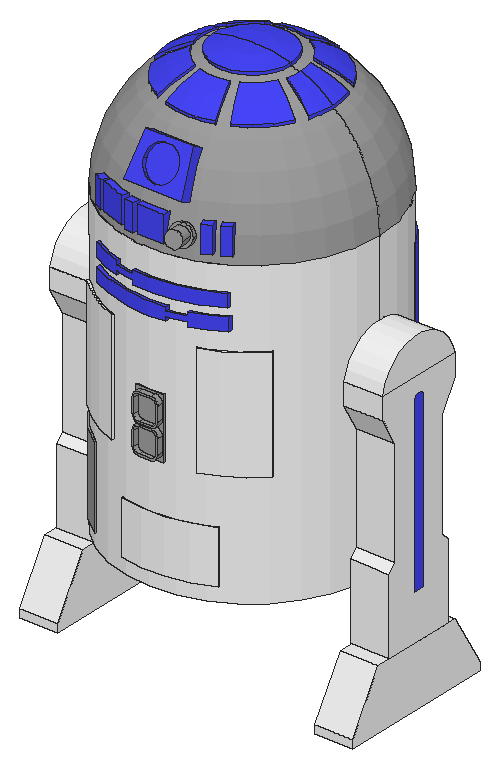
Revit family "Star_Wars_R2D2_4123_other", category Modèles génériques, Revit 2022
Family settings
  Peut héberger une armature = Non
  Cote de connecteur circulaire = Utiliser le diamètre
  Type d'élément = Non défini
  Basée sur le plan de construction = Non
  Toujours verticalement = Oui
  Couper avec des vides une fois chargée = Non
  Conserver l'orientation des annotations = Non
  Partagée = Non
  Repère de localisation dans la pièce = Non
Parameters
  Elévation par défaut = 0' - 0"
Reference planes (in)
  plane 1 "Center (Front/Back)": y = 0
  plane 2: z = 0
  plane 3 "Center (Left/Right)": x = 0
  plane 4: z = 56.91196
  plane 5: through (0, 0, 48) normal (-0.7071, 0.7071, 0)
Forms (in)
  Extrusion 1, solid, material "Default 2"
    sketch origin (0, 0, 0) x (1, 0, 0) y (0, 1, 0)
      loop
        circle (0, 0) r 24
    from 0 to 56.91196
  Revolve 2, solid, material "Default 4"
    sketch origin (0, 0, -13.13966) x (1, 0, 0) y (0, 0, 1)
      loop
        line (0, 94.05162) -> (0, 70.05162) -> (24, 70.05162)
        arc (24, 70.05162) -> (16.97056, 87.02218) -> (0, 94.05162) r 24
      axis (0, 70.05162) -> (0, 94.05162)
    angle from 0 to 360
  Extrusion 3, solid, material "Default 2"
    sketch origin (0, 0, 0) x (0, 1, 0) y (0, 0, 1)
      loop
        line (8.4404, -8.6957) -> (-9.5596, -8.6957) -> (-15.48254, -18.55312) -> (-15.48254, -20.05312) -> (14.36334, -20.05312) -> (14.36334, -18.55312) -> (8.4404, -8.6957)
    from -31.2361 to -24.2361
  Extrusion 4, solid, material "Default 2"
    sketch origin (0, 0, 0) x (0, 1, 0) y (0, 0, -1)
      loop
        line (8.4404, 8.6957) -> (14.36334, 18.55312) -> (14.36334, 20.05312) -> (-15.48254, 20.05312) -> (-15.48254, 18.55312) -> (-9.5596, 8.6957) -> (8.4404, 8.6957)
    from -31.2361 to -24.2361
  Sweep 5, solid, material "Default 3"
    path origin (0, 0, 0) x (-0.996195, 0.087156, 0) y (0, 0, 1)
      loop
        line (-14.05923, 48.95541) -> (-14.05923, 4.95541)
    profile origin (14.00573, -1.22534, 26.95541) x (0.087156, 0.996195, 0) y (-0.996195, 0.087156, 0)
      loop
        line (14.17992, -5.30388) -> (14.35877, -5.48273)
        arc (14.35877, -5.48273) -> (17.14734, -3.08811) -> (19.54196, -0.29954) r 24.25
        line (19.54196, -0.29954) -> (19.36311, -0.12068)
        arc (19.36311, -0.12068) -> (16.97056, -2.91133) -> (14.17992, -5.30388) r 24
  Extrusion 6, solid, material "Default 3"
    sketch origin (0, -34.73609, -2.04363) x (1, 0, 0) y (0, 0.48481, 0.87462)
      loop
        line (5.5, 65.41196) -> (4.48703, 73.66196) -> (-4.48703, 73.66196) -> (-5.5, 65.41196) -> (5.5, 65.41196)
    from 20.44691 to 23.17679
  Extrusion 7, void
    sketch origin (0, -34.73609, -2.04363) x (1, 0, 0) y (0, 0.48481, 0.87462)
      loop
        circle (0, 69.53592) r 3.25
    from 22.57548 to 24.0021
  Extrusion 8, solid, material "Default 3"
    sketch origin (0, 0, 0) x (0.939693, -0.34202, 0) y (0, 0, 1)
      loop
        line (-2.3283, 58.58576) -> (2.6717, 58.58576) -> (2.6717, 63.58576) -> (-2.3283, 63.58576) -> (-2.3283, 58.58576)
    from 22.82457 to 24.08711
  Extrusion 9, solid, material "Default 3"
    sketch origin (0, 0, 0) x (-0.987688, 0.156434, 0) y (0, 0, 1)
      loop
        line (0.9217, 58.58576) -> (0.9217, 63.58576) -> (-0.90275, 63.58576) -> (-0.90275, 58.58576) -> (0.9217, 58.58576)
    from -24.43471 to -23.12935
  Extrusion 10, solid, material "Default 4"
    sketch origin (2.50384, -10.68372, -3.40032) x (-0.973619, -0.228178, 0) y (-0.039623, 0.169067, 0.984808)
      loop
        circle (0, 61.04164) r 1.5
    from -26.70235 to -24.2699
  Extrusion 11, solid, material "Default 4"
    sketch origin (2.50384, -10.68372, -3.40032) x (-0.973619, -0.228178, 0) y (-0.039623, 0.169067, 0.984808)
      loop
        circle (0, 61.01196) r 2
    from -24.2699 to -23.13671
  Extrusion 12, solid, material "Default 3"
    sketch origin (-0.01543, -0.00655, 0) x (-0.920505, -0.390731, 0) y (0, 0, 1)
      loop
        line (0.9217, 58.58576) -> (0.9217, 63.58576) -> (-0.90275, 63.58576) -> (-0.90275, 58.58576) -> (0.9217, 58.58576)
    from -24.43471 to -23.12935
  Extrusion 13, solid, material "Default 3"
    sketch origin (0.00821, 0.00474, 0) x (-0.866025, -0.5, 0) y (0, 0, 1)
      loop
        line (0.9217, 58.58576) -> (0.9217, 63.58576) -> (-0.90275, 63.58576) -> (-0.90275, 58.58576) -> (0.9217, 58.58576)
    from -24.43471 to -23.12935
  Extrusion 14, solid, material "Default 3"
    sketch origin (0.00829, -0.0046, 0) x (-0.87462, 0.48481, 0) y (0, 0, 1)
      loop
        line (0.9217, 58.58576) -> (0.9217, 63.58576) -> (-0.90275, 63.58576) -> (-0.90275, 58.58576) -> (0.9217, 58.58576)
    from -24.43471 to -23.12935
  Extrusion 15, solid, material "Default 3"
    sketch origin (0.0783, 0, 0) x (1, 0, 0) y (0, 0, 1)
      loop
        line (-2.3283, 58.58576) -> (2.6717, 58.58576) -> (2.6717, 63.58576) -> (-2.3283, 63.58576) -> (-2.3283, 58.58576)
    from 22.82457 to 24.08711
  Extrusion 16, solid, material "Default 4"
    sketch origin (0, 0, 0) x (-1, 0, 0) y (0, 0, 1)
      loop
        line (-2.375, 31.61222) -> (-2.375, 28.86222)
        arc (-2.375, 28.86222) -> (-2.00888, 27.97834) -> (-1.125, 27.61222) r 1.25
        line (-1.125, 27.61222) -> (1.125, 27.61222)
        arc (1.125, 27.61222) -> (2.00888, 27.97834) -> (2.375, 28.86222) r 1.25
        line (2.375, 28.86222) -> (2.375, 31.61222)
        arc (2.375, 31.61222) -> (2.00888, 32.49611) -> (1.125, 32.86222) r 1.25
        line (1.125, 32.86222) -> (-1.125, 32.86222)
        arc (-1.125, 32.86222) -> (-2.00888, 32.49611) -> (-2.375, 31.61222) r 1.25
    from -25.21973 to -24.09971
  Extrusion 17, void
    sketch origin (0, 0, 0) x (-1, 0, 0) y (0, 0, 1)
      loop
        arc (-1.125, 32.61222) -> (-1.83211, 32.31933) -> (-2.125, 31.61222) r 1
        line (-2.125, 31.61222) -> (-2.125, 28.86222)
        arc (-2.125, 28.86222) -> (-1.83211, 28.15512) -> (-1.125, 27.86222) r 1
        line (-1.125, 27.86222) -> (1.125, 27.86222)
        arc (1.125, 27.86222) -> (1.83211, 28.15512) -> (2.125, 28.86222) r 1
        line (2.125, 28.86222) -> (2.125, 31.61222)
        arc (2.125, 31.61222) -> (1.83211, 32.31933) -> (1.125, 32.61222) r 1
        line (1.125, 32.61222) -> (-1.125, 32.61222)
    from -25.8241 to -24.23763
  Extrusion 18, solid, material "Default 4"
    sketch origin (0, 0, -5.5) x (-1, 0, 0) y (0, 0, 1)
      loop
        line (-2.375, 31.61222) -> (-2.375, 28.86222)
        arc (-2.375, 28.86222) -> (-2.00888, 27.97834) -> (-1.125, 27.61222) r 1.25
        line (-1.125, 27.61222) -> (1.125, 27.61222)
        arc (1.125, 27.61222) -> (2.00888, 27.97834) -> (2.375, 28.86222) r 1.25
        line (2.375, 28.86222) -> (2.375, 31.61222)
        arc (2.375, 31.61222) -> (2.00888, 32.49611) -> (1.125, 32.86222) r 1.25
        line (1.125, 32.86222) -> (-1.125, 32.86222)
        arc (-1.125, 32.86222) -> (-2.00888, 32.49611) -> (-2.375, 31.61222) r 1.25
    from -25.21973 to -24.09971
  Extrusion 19, void
    sketch origin (0, 0, -5.5) x (-1, 0, 0) y (0, 0, 1)
      loop
        arc (-1.125, 32.61222) -> (-1.83211, 32.31933) -> (-2.125, 31.61222) r 1
        line (-2.125, 31.61222) -> (-2.125, 28.86222)
        arc (-2.125, 28.86222) -> (-1.83211, 28.15512) -> (-1.125, 27.86222) r 1
        line (-1.125, 27.86222) -> (1.125, 27.86222)
        arc (1.125, 27.86222) -> (1.83211, 28.15512) -> (2.125, 28.86222) r 1
        line (2.125, 28.86222) -> (2.125, 31.61222)
        arc (2.125, 31.61222) -> (1.83211, 32.31933) -> (1.125, 32.61222) r 1
        line (1.125, 32.61222) -> (-1.125, 32.61222)
    from -25.8241 to -24.23763
  Extrusion 20, solid, material "Default 4"
    sketch origin (0, 0, 0) x (-1, 0, 0) y (0, 0, 1)
      loop
        line (-2.65093, 33.23012) -> (-2.65093, 21.73012) -> (2.59907, 21.73012) -> (2.59907, 33.23012) -> (-2.65093, 33.23012)
    from -24.09971 to -22.81061
  Sweep 21, solid, material "Default 3"
    path origin (0, 0, 0) x (-0.087156, -0.996195, 0) y (0, 0, 1)
      loop
        line (-14.05923, 48.95541) -> (-14.05923, 18.12318)
    profile origin (1.22534, 14.00573, 33.5393) x (-0.996195, 0.087156, 0) y (-0.087156, -0.996195, 0)
      loop
        line (14.17992, -5.30388) -> (14.35877, -5.48273)
        arc (14.35877, -5.48273) -> (17.14734, -3.08811) -> (19.54196, -0.29954) r 24.25
        line (19.54196, -0.29954) -> (19.36311, -0.12068)
        arc (19.36311, -0.12068) -> (16.97056, -2.91133) -> (14.17992, -5.30388) r 24
  Extrusion 22, solid, material "Default 3"
    sketch origin (3.25, 0, 0) x (-1, 0, 0) y (0, 0, 1)
      loop
        line (15.33626, 48.39314) -> (0, 48.39314) -> (0, 47.64314) -> (-3.5, 47.64314) -> (-3.5, 48.39314) -> (-9.25, 48.39314) -> (-9.25, 45.89314) -> (-3.5, 45.89314) -> (-3.5, 46.64314) -> (0, 46.64314) -> (0, 45.89314) -> (15.33626, 45.89314) -> (15.33626, 48.39314)
    from -24.71421 to -18.41814
  Extrusion 23, void
    sketch origin (0, 0, 0) x (-1, 0, 0) y (0, -1, 0)
      loop
        arc (-14.28936, 19.90136) -> (0, 24.5) -> (14.28936, 19.90136) r 24.5
        line (14.28936, 19.90136) -> (16, 19.90136) -> (16, 29.25) -> (-16.10368, 29.25) -> (-16.10368, 19.90136) -> (-14.28936, 19.90136)
    from 43.39056 to 54.89244
  Extrusion 24, solid, material "Default 3"
    sketch origin (-3.04313, 0, 4) x (1, 0, 0) y (0, 0, -1)
      loop
        line (15.33626, -48.39314) -> (15.33626, -45.89314) -> (0, -45.89314) -> (0, -46.64314) -> (-3.5, -46.64314) -> (-3.5, -45.89314) -> (-9.25, -45.89314) -> (-9.25, -48.39314) -> (-3.5, -48.39314) -> (-3.5, -47.64314) -> (0, -47.64314) -> (0, -48.39314) -> (15.33626, -48.39314)
    from -24.71421 to -18.41814
  Extrusion 25, void
    sketch origin (-0.02779, 0, 0) x (1, 0, 0) y (0, 1, 0)
      loop
        line (-14.28936, -19.90136) -> (-16.10368, -19.90136) -> (-16.10368, -29.25) -> (16, -29.25) -> (16, -19.90136) -> (14.28936, -19.90136)
        arc (14.28936, -19.90136) -> (0, -24.5) -> (-14.28936, -19.90136) r 24.5
    from 48.95541 to 54.89244
  Revolve 26, void
    sketch origin (0, 0, 0) x (1, 0, 0) y (0, 0, 1)
      loop
        line (0, 85.59581) -> (0, 81.1196)
        arc (0, 81.1196) -> (8.7236, 79.58756) -> (16.20452, 74.84581) r 22.79229
        line (16.20452, 74.84581) -> (22.75, 74.84581) -> (22.75, 85.59581) -> (0, 85.59581)
      axis (0, 85.59581) -> (0, 74.84581)
    angle from 0 to 360
  Extrusion 27, solid, material "Default 3"
    sketch origin (0, 0, 0) x (1, 0, 0) y (0, 1, 0)
      loop
        arc (13.54733, 6.90271) -> (10.75122, 10.75122) -> (6.90271, 13.54733) r 15.20452
        line (6.90271, 13.54733) -> (4.17877, 8.20129)
        arc (4.17877, 8.20129) -> (6.50858, 6.50858) -> (8.20129, 4.17877) r 9.20452
        line (8.20129, 4.17877) -> (13.54733, 6.90271)
    from 75.20578 to 81.62769
  Extrusion 28, solid, material "Default 3"
    sketch origin (0, 0, 0) x (-0.707107, 0.707107, 0) y (-0.707107, -0.707107, 0)
      loop
        line (13.54733, -6.90271) -> (8.20129, -4.17877)
        arc (8.20129, -4.17877) -> (6.50858, -6.50858) -> (4.17877, -8.20129) r 9.20452
        line (4.17877, -8.20129) -> (6.90271, -13.54733)
        arc (6.90271, -13.54733) -> (10.75122, -10.75122) -> (13.54733, -6.90271) r 15.20452
    from 75.20578 to 81.62769
  Extrusion 29, solid, material "Default 3"
    sketch origin (0, 0, 0) x (0.707107, 0.707107, 0) y (-0.707107, 0.707107, 0)
      loop
        line (13.54733, -6.90271) -> (8.20129, -4.17877)
        arc (8.20129, -4.17877) -> (6.50858, -6.50858) -> (4.17877, -8.20129) r 9.20452
        line (4.17877, -8.20129) -> (6.90271, -13.54733)
        arc (6.90271, -13.54733) -> (10.75122, -10.75122) -> (13.54733, -6.90271) r 15.20452
    from 75.20578 to 81.62769
  Extrusion 30, solid, material "Default 3"
    sketch origin (0, 0, 0) x (-1, 0, 0) y (0, -1, 0)
      loop
        line (13.54733, -6.90271) -> (8.20129, -4.17877)
        arc (8.20129, -4.17877) -> (6.50858, -6.50858) -> (4.17877, -8.20129) r 9.20452
        line (4.17877, -8.20129) -> (6.90271, -13.54733)
        arc (6.90271, -13.54733) -> (10.75122, -10.75122) -> (13.54733, -6.90271) r 15.20452
    from 75.20578 to 81.62769
  Extrusion 31, solid, material "Default 3"
    sketch origin (0, 0, 0) x (-0.707107, 0.707107, 0) y (-0.707107, -0.707107, 0)
      loop
        arc (13.54733, 6.90271) -> (10.75122, 10.75122) -> (6.90271, 13.54733) r 15.20452
        line (6.90271, 13.54733) -> (4.17877, 8.20129)
        arc (4.17877, 8.20129) -> (6.50858, 6.50858) -> (8.20129, 4.17877) r 9.20452
        line (8.20129, 4.17877) -> (13.54733, 6.90271)
    from 75.20578 to 81.62769
  Extrusion 32, solid, material "Default 3"
    sketch origin (0, 0, 0) x (1, 0, 0) y (0, 1, 0)
      loop
        line (13.54733, -6.90271) -> (8.20129, -4.17877)
        arc (8.20129, -4.17877) -> (6.50858, -6.50858) -> (4.17877, -8.20129) r 9.20452
        line (4.17877, -8.20129) -> (6.90271, -13.54733)
        arc (6.90271, -13.54733) -> (10.75122, -10.75122) -> (13.54733, -6.90271) r 15.20452
    from 75.20578 to 81.62769
  Extrusion 33, solid, material "Default 3"
    sketch origin (0, 0, 0) x (-0.707107, -0.707107, 0) y (0.707107, -0.707107, 0)
      loop
        arc (13.54733, 6.90271) -> (10.75122, 10.75122) -> (6.90271, 13.54733) r 15.20452
        line (6.90271, 13.54733) -> (4.17877, 8.20129)
        arc (4.17877, 8.20129) -> (6.50858, 6.50858) -> (8.20129, 4.17877) r 9.20452
        line (8.20129, 4.17877) -> (13.54733, 6.90271)
    from 75.20578 to 81.62769
  Extrusion 34, solid, material "Default 3"
    sketch origin (0, 0, 0) x (-1, 0, 0) y (0, -1, 0)
      loop
        arc (13.54733, 6.90271) -> (10.75122, 10.75122) -> (6.90271, 13.54733) r 15.20452
        line (6.90271, 13.54733) -> (4.17877, 8.20129)
        arc (4.17877, 8.20129) -> (6.50858, 6.50858) -> (8.20129, 4.17877) r 9.20452
        line (8.20129, 4.17877) -> (13.54733, 6.90271)
    from 75.20578 to 81.62769
  Extrusion 35, solid, material "Default 3"
    sketch origin (0, 0, 0) x (1, 0, 0) y (0, 1, 0)
      loop
        circle (0, 0) r 7.25
    from 78.57665 to 84.62184
  Sweep 36, solid, material "Default 2"
    path origin (0, 0, 0) x (0.139173, 0.990268, 0) y (0, 0, 1)
      loop
        line (-14.05923, 42.45541) -> (-14.05923, 21.45541)
    profile origin (-1.95667, -13.92241, 31.95541) x (0.990268, -0.139173, 0) y (0.139173, 0.990268, 0)
      loop
        line (10.89577, -7.32492) -> (11.06602, -7.65905)
        arc (11.06602, -7.65905) -> (15.77327, -4.52422) -> (19.63137, -0.38895) r 24.375
        line (19.63137, -0.38895) -> (19.36311, -0.12068)
        arc (19.36311, -0.12068) -> (15.55234, -4.21985) -> (10.89577, -7.32492) r 24
  Sweep 37, solid, material "Default 2"
    path origin (0, 0, 0) x (-0.139173, 0.990268, 0) y (0, 0, -1)
      loop
        line (-14.05923, -42.45541) -> (-14.05923, -21.45541)
    profile origin (1.95667, -13.92241, 31.95541) x (-0.990268, -0.139173, 0) y (0.139173, -0.990268, 0)
      loop
        arc (10.89577, 7.32492) -> (15.55234, 4.21985) -> (19.36311, 0.12068) r 24
        line (19.36311, 0.12068) -> (19.63137, 0.38895)
        arc (19.63137, 0.38895) -> (15.77327, 4.52422) -> (11.06602, 7.65905) r 24.375
        line (11.06602, 7.65905) -> (10.89577, 7.32492)
  Sweep 38, solid, material "Default 4"
    path origin (0, 0, 0) x (0.975604, 0.219537, 0) y (0, 0, 1)
      loop
        line (0, 2.5) -> (0, 17.75)
    profile origin (0, 0, 10.125) x (-0.975604, -0.219537, 0) y (0.219537, -0.975604, 0)
      loop
        line (22.37953, 8.66928) -> (22.61265, 8.75959)
        arc (22.61265, 8.75959) -> (20.50676, 12.94355) -> (17.63576, 16.64459) r 24.25
        line (17.63576, 16.64459) -> (17.45395, 16.473)
        arc (17.45395, 16.473) -> (20.29535, 12.81011) -> (22.37953, 8.66928) r 24
  Sweep 39, solid, material "Default 2"
    path origin (0, 0, 0) x (-0.978148, -0.207912, 0) y (0, 0, 1)
      loop
        line (0, 12.73012) -> (0, 2.73012)
    profile origin (0, 0, 7.73012) x (-0.207912, 0.978148, 0) y (-0.978148, -0.207912, 0)
      loop
        arc (-23.18914, -6.18578) -> (-23.89745, 2.21624) -> (-21.65611, 10.3447) r 24
        line (-21.65611, 10.3447) -> (-21.8817, 10.45246)
        arc (-21.8817, 10.45246) -> (-24.14639, 2.23932) -> (-23.43069, -6.25021) r 24.25
        line (-23.43069, -6.25021) -> (-23.18914, -6.18578)
  Sweep 40, solid, material "Default 2"
    path origin (0, 0, 0) x (0.830518, 0.556992, 0) y (0, 0, 1)
      loop
        line (0, 12.73012) -> (0, 2.73012)
    profile origin (0, 0, 7.73012) x (0.556992, -0.830518, 0) y (0.830518, 0.556992, 0)
      loop
        arc (-23.18914, -6.18578) -> (-23.0169, 6.79869) -> (-16.10638, 17.79282) r 24
        line (-16.10638, 17.79282) -> (-16.27416, 17.97816)
        arc (-16.27416, 17.97816) -> (-23.25666, 6.86951) -> (-23.43069, -6.25021) r 24.25
        line (-23.43069, -6.25021) -> (-23.18914, -6.18578)
  Extrusion 41, solid, material "Default 2"
    sketch origin (0, 0, 0) x (0, 1, 0) y (0, 0, 1)
      loop
        line (8.4404, 36.04709) -> (-8.4404, 36.04709) -> (-8.4404, 32.04709) -> (-5.4404, 26.85094) -> (-5.4404, 6.85094) -> (-6.85461, 5.43672) -> (-6.85461, -8.6957) -> (6.85461, -8.6957) -> (6.85461, 5.43672) -> (5.4404, 6.85094) -> (5.4404, 26.85094) -> (8.4404, 32.04709) -> (8.4404, 36.04709)
    from 23.99573 to 31.2361
  Extrusion 42, solid, material "Default 2"
    sketch origin (0, 0, 0) x (0, 1, 0) y (0, 0, -1)
      loop
        line (8.4404, -36.04709) -> (8.4404, -32.04709) -> (5.4404, -26.85094) -> (5.4404, -6.85094) -> (6.85461, -5.43672) -> (6.85461, 8.6957) -> (-6.85461, 8.6957) -> (-6.85461, -5.43672) -> (-5.4404, -6.85094) -> (-5.4404, -26.85094) -> (-8.4404, -32.04709) -> (-8.4404, -36.04709) -> (8.4404, -36.04709)
    from 23.99573 to 31.2361
  Extrusion 43, solid, material "Default 2"
    sketch origin (0, 0, 0) x (0, 1, 0) y (0, 0, 1)
      loop
        arc (8.4404, 36.04709) -> (0, 42.8685) -> (-8.4404, 36.04709) r 8.63252
        line (-8.4404, 36.04709) -> (8.4404, 36.04709)
    from -31.2361 to -23.99573
  Extrusion 44, solid, material "Default 2"
    sketch origin (0, 0, 0) x (0, 1, 0) y (0, 0, -1)
      loop
        line (8.4404, -36.04709) -> (-8.4404, -36.04709)
        arc (-8.4404, -36.04709) -> (0, -42.8685) -> (8.4404, -36.04709) r 8.63252
    from -31.2361 to -23.99573
  Extrusion 45, solid, material "Default 3"
    sketch origin (0, 0, 0) x (0, 1, 0) y (0, 0, 1)
      loop
        arc (1, 32.5) -> (0, 33.04126) -> (-1, 32.5) r 1.1944
        line (-1, 32.5) -> (-1, 0) -> (1, 0) -> (1, 32.5)
    from -31.35209 to -31.2361
  Extrusion 46, solid, material "Default 3"
    sketch origin (0, 0, 0) x (0, 1, 0) y (0, 0, -1)
      loop
        line (1, -32.5) -> (1, 0) -> (-1, 0) -> (-1, -32.5)
        arc (-1, -32.5) -> (0, -33.04126) -> (1, -32.5) r 1.1944
    from -31.35209 to -31.2361
  Sweep 47, solid, material "Default 2"
    path origin (0, 0, 0) x (-0.676299, -0.736627, 0) y (0, 0, 1)
      loop
        line (-14.05923, 48.95541) -> (-14.05923, 35.53252)
    profile origin (9.50824, 10.35642, 42.24396) x (-0.736627, 0.676299, 0) y (-0.676299, -0.736627, 0)
      loop
        line (11.47209, -7.02136) -> (11.59159, -7.24095)
        arc (11.59159, -7.24095) -> (16.40025, -3.80398) -> (20.23459, 0.69421) r 24.25
        line (20.23459, 0.69421) -> (20.02599, 0.83199)
        arc (20.02599, 0.83199) -> (16.23117, -3.61983) -> (11.47209, -7.02136) r 24
  Sweep 48, solid, material "Default 2"
    path origin (0, 0, -17) x (-0.676299, -0.736627, 0) y (0, 0, 1)
      loop
        line (-14.05923, 48.95541) -> (-14.05923, 35.53252)
    profile origin (9.50824, 10.35642, 25.24396) x (-0.736627, 0.676299, 0) y (-0.676299, -0.736627, 0)
      loop
        line (11.47209, -7.02136) -> (11.59159, -7.24095)
        arc (11.59159, -7.24095) -> (16.40025, -3.80398) -> (20.23459, 0.69421) r 24.25
        line (20.23459, 0.69421) -> (20.02599, 0.83199)
        arc (20.02599, 0.83199) -> (16.23117, -3.61983) -> (11.47209, -7.02136) r 24
Cuts and joins
  Extrusion 7, Revolve 26 cuts Revolve 2
  Extrusion 7 cuts Extrusion 6
  Extrusion 17, Extrusion 23, Extrusion 25 cuts Extrusion 1
  Extrusion 17, Extrusion 19 cuts Extrusion 16
  Extrusion 19 cuts Extrusion 18
  Extrusion 23 cuts Sweep 5
  Extrusion 23, Extrusion 25 cuts Sweep 21
  Extrusion 23, Extrusion 25 cuts Extrusion 22
  Extrusion 25 cuts Extrusion 24
  Revolve 26 cuts Extrusion 32
  Revolve 26 cuts Extrusion 29
  Revolve 26 cuts Extrusion 27
  Revolve 26 cuts Extrusion 33
  Revolve 26 cuts Extrusion 28
  Revolve 26 cuts Extrusion 34
  Revolve 26 cuts Extrusion 30
  Revolve 26 cuts Extrusion 31
  Revolve 26 cuts Extrusion 35
